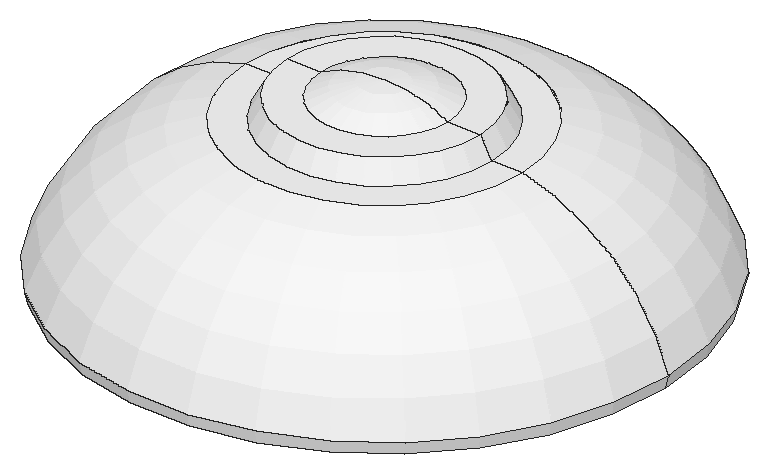
Revit family "Sensor-Lutron-Ceiling_Mount-Occupancy-12ft-LOS-CUS", category Lighting Devices, host Face, Revit 2017
Family settings
  Host = Face
  Maintain Annotation Orientation = Yes
  Round Connector Dimension = Use Diameter
  Part Type = Normal
  OmniClass Number = 23.85.80.11.27
  OmniClass Title = Lighting Controls
  Cut with Voids When Loaded = No
  Shared = No
  Room Calculation Point = No
Parameters (values of type "LOS-CUS-1000-WH")
  Warranty URL = "http://www.lutron.com/en-US/Service-Support/Pages/Service/Warranty/Warranty.aspx"
  Voltage Comments = "20-24VDC"
  Video Link = "https://www.youtube.com/user/LutronElectronicsInc"
  Version = "2017 - v1.0b"  # constant formula
  Support Phone = "(224) 699-9545"  # constant formula
  Support Email = "mailto: support@anguleris.com"
  Product Page URL = "http://www.lutron.com/en-US/products/Pages/sensors/occupancy-vacancy/loscseries/overview.aspx"
  Product Name = "Ultrasonic Ceiling Mount Occupancy Sensor"
  Product Documentation Link = "http://www.lutron.com/TechnicalDocumentLibrary/LOS-CUS%20Series.pdf"
  Performance URL = "http://www.lutron.com/en-US/Service-Support/Pages/Technical/PerfomanceSpecs.aspx"
  Minor Motion Offset = 0' - 0"
  Minor Motion Depth = 23' - 0"
  Manufacturer Phone Number = "610-282-3800"  # constant formula
  Manufacturer Fax Number = "610-282-1243"  # constant formula
  Manufacturer Email = "mailto:support@lutron.com"
  Manufacturer Address = "7200 Suter Rd, Coopersburg, PA 18036"  # constant formula
  Major Motion Offset = 0' - 0"
  Ultrasonic Minor Motion [instance] = no
  Ultrasonic Major Motion [instance] = no
  URL = "http://www.lutron.com"
  Type Comments = ""
  Series = "LOS-C"  # constant formula
  Sensor Material = Plastic-Lutron-White-Gloss
  Rectangular Minor Motion Detection = 23' - 0"
  Rectangular Major Motion Detection = 32' - 0"
  Nominal Width = 0' - 4 1/2"  # constant formula
  Nominal Length = 0' - 4 1/2"  # constant formula
  Nominal Depth = 0' - 1 51/128"  # constant formula
  Model = "LOS-CUS-1000-WH"
  Manufacturer = "Lutron Electronics Co., Inc"  # constant formula
  Keynote = ""
  Instruction Sheet Link = "http://www.lutron.com/TechnicalDocumentLibrary/031260a.pdf"
  Field of View = 180.00°
  Description = "Ultrasonic Ceiling Mount Occupancy Sensor"
  Default Elevation = 0' - 0"
  Coverage = 1000.00 SF
  Cost Info = "mailto:sales@lutron.com"
  Cost = 0
  Copyright = "© 2019 Lutron Electronics Co., Inc."  # constant formula
  Assembly Code = "D5030800"
Types (3): name | Minor Motion Offset | Minor Motion Depth | Major Motion Offset | Ultrasonic Minor Motion | Ultrasonic Major Motion | Rectangular Minor Motion Detection | Rectangular Major Motion Detection | Model | Field of View | Coverage
  LOS-CUS-500-WH | 0' - 0" | 16' - 0" | 0' - 0" | yes | yes | 16' - 0" | 22' - 0" | "LOS-CUS-500-WH" | 180.00° | 500.00 SF
  LOS-CUS-1000-WH | 0' - 0" | 23' - 0" | 0' - 0" | no | no | 23' - 0" | 32' - 0" | "LOS-CUS-1000-WH" | 180.00° | 1000.00 SF
  LOS-CUS-2000-WH | 22' - 6" | 23' - 0" | 32' - 0" | no | no | 22' - 6" | 32' - 0" | "LOS-CUS-2000-WH" | 360.00° | 2000.00 SF
Reference planes (in)
  plane 1 "Center (Front/Back)": y = 0
  plane 2: z = 0
  plane 3 "Center (Left/Right)": x = 0
  plane 4: y = 2.25
  plane 5: y = -2.25
  plane 6: x = 2.25
  plane 7: x = -2.25
  plane 8: z = 1.39844
Forms (in)
  Revolve 1, solid, material "Plastic-Lutron-White-Gloss" <- "Sensor Material"
    sketch origin (0, 0, -5.75) x (1, 0, 0) y (0, 0, -1)
      loop
        line (0, -5.75) -> (0, -7.14844)
        arc (0, -7.14844) -> (0.25955, -7.12247) -> (0.50393, -7.03125) r 1.01555
        line (0.50393, -7.03125) -> (0.7627, -7.03125) -> (0.85244, -6.87582) -> (1.09586, -6.87582)
        arc (1.09586, -6.87582) -> (1.81321, -6.51691) -> (2.25, -5.84414) r 1.52832
        line (2.25, -5.84414) -> (2.22477, -5.75) -> (0, -5.75)
      axis (0, -7.14844) -> (0, -5.75)
    angle from 0 to 360
  Extrusion 2, solid, material "Ultrasonic Minor Motion Detection", visible <- "Ultrasonic Minor Motion"
    sketch origin (0, 0, -144.09282) x (1, 0, 0) y (0, 1, 0)
      loop
        arc (48, 138) -> (14.05887, 123.94113) -> (0, 90) r 48
        line (0, 90) -> (0, -90)
        arc (0, -90) -> (14.05887, -123.94113) -> (48, -138) r 48
        line (48, -138) -> (228, -138)
        arc (228, -138) -> (261.94113, -123.94113) -> (276, -90) r 48
        line (276, -90) -> (276, 90)
        arc (276, 90) -> (261.94113, 123.94113) -> (228, 138) r 48
        line (228, 138) -> (48, 138)
    from 144.09282 to 144.21782
  Extrusion 3, solid, material "Ultrasonic Major Motion Detection", visible <- "Ultrasonic Major Motion"
    sketch origin (0, 0, -144.09282) x (1, 0, 0) y (0, 1, 0)
      loop
        arc (48, 192) -> (14.05887, 177.94113) -> (0, 144) r 48
        line (0, 144) -> (0, -144)
        arc (0, -144) -> (14.05887, -177.94113) -> (48, -192) r 48
        line (48, -192) -> (336, -192)
        arc (336, -192) -> (369.94113, -177.94113) -> (384, -144) r 48
        line (384, -144) -> (384, 144)
        arc (384, 144) -> (369.94113, 177.94113) -> (336, 192) r 48
        line (336, 192) -> (48, 192)
    from 144.12315 to 144.18565
Lines and regions (in)
  symbolic lines, detail levels fine
    curve 1: circle (0, 0, 0) r 2.25 normal (0, 0, 1)
Dimensions and locks (in)
  "Nominal Width": plane 4 to plane 5
  equal spacing: plane 4, plane 1 "Center (Front/Back)", plane 5
  "Nominal Length": plane 7 to plane 6
  equal spacing: plane 7, plane 3 "Center (Left/Right)", plane 6
  plane 8 to Revolve 1 sketch curve to Revolve 1 sketch curve to Revolve 1 sketch curve to Revolve 1 sketch curve = 0' - 0 15/128" locked, 0' - 0.15543" locked, 0' - 1.03168" locked, 0' - 0.09414" locked
  Revolve 1 sketch curve to Revolve 1 sketch curve to Revolve 1 sketch curve to Revolve 1 sketch curve to Revolve 1 sketch curve to plane 3 "Center (Left/Right)" = 0' - 1 33/256" locked, 0' - 0.24342" locked, 0' - 0.08974" locked, 0' - 0.25877" locked, 0' - 0.50393" locked
  locked: Revolve 1 sketch curve to plane 1 "Center (Front/Back)" at 0
  locked: curve 1 to plane 3 "Center (Left/Right)" at 0
  locked: curve 1 to plane 1 "Center (Front/Back)" at 0
  locked: plane 8 to plane 2 at 1.39844
  "Minor Motion Depth": Extrusion 2 sketch curve to Extrusion 2 sketch curve
  locked: Extrusion 2 sketch curve to Extrusion 2 sketch curve at 48  (x4)
  Extrusion 2 sketch curve to Extrusion 2 sketch curve = 4' - 0"  (x2)
  locked: Extrusion 2 to Extrusion 3 at 0.03218
  locked: Extrusion 2 to Extrusion 3 at 0.03032
  equal spacing: Extrusion 3 sketch curve, plane 1 "Center (Front/Back)", Extrusion 3 sketch curve
  "Rectangular Major Motion Detection": Extrusion 3 sketch curve to Extrusion 3 sketch curve
  "Major Motion Offset": Extrusion 3 sketch curve to plane 3 "Center (Left/Right)"
  "Rectangular Major Motion Detection": plane 3 "Center (Left/Right)" to Extrusion 3 sketch curve
  "Rectangular Minor Motion Detection": plane 3 "Center (Left/Right)" to Extrusion 2 sketch curve
  "Minor Motion Offset": Extrusion 2 sketch curve to plane 3 "Center (Left/Right)"
  equal spacing: Extrusion 2 sketch curve, plane 1 "Center (Front/Back)", Extrusion 2 sketch curve
  Extrusion 2 to plane 2 to Extrusion 2 = 0' - 0 1/8" locked, 0' - 0" locked
  aligned and locked: plane 2 to host face
  aligned and locked: level to host face
  aligned and locked: plane 6 to Revolve 1 sketch curve
  aligned and locked: plane 8 to Revolve 1 sketch curve
  aligned and locked: plane 3 "Center (Left/Right)" to nested 1
  aligned and locked: plane 1 "Center (Front/Back)" to nested 1
Automatic sketch dimensions
  Revolve 1 sketch curve to plane 3 "Center (Left/Right)" = 0' - 0"  (x2)
  Revolve 1 sketch curve to level = 0' - 0"
  plane 3 "Center (Left/Right)" to Revolve 1 sketch curve = 0' - 0.02953"
  Revolve 1 sketch curve to level = 0' - 0.37253"
  Revolve 1 sketch curve to Revolve 1 sketch curve = 0' - 0 13/128"
  host sketch curve to host sketch curve = 8' - 0"  (x2)
  Extrusion 3 sketch curve to Extrusion 3 sketch curve = 4' - 0"  (x4)
  radius of curve 1 = 0' - 2 1/4"
Nested families (in)
  nested 1: "Ceiling Occupancy Sensor" at (0, 0, 0), type "Ceiling Occupancy Sensor"
Connectors (in)
  electrical at (0, 0, 0)
    settings: on Revolve 1, index 1, voltage 24 V, apparent load 0.72 VA, apparent load phase1 0 VA, apparent load phase2 0 VA, apparent load phase3 0 VA, power factor 1, load classification "Power", number of poles 1, system type 13, power factor state 1, is connector primary yes, connector utility no, sub classification motor no, connector description "Lighting Control Connection"
Definition of nested family "Ceiling Occupancy Sensor"
  Parameters
    Label = "OS"
  Reference planes (in)
    plane 1: y = 0
    plane 2: x = 0
  Lines and regions (in)
    detail lines
      curve 1: circle (0, 0, 0) r 0.10882 normal (0, 0, 1)
  Text (in)
    label "OS" at (-0.00015, 0.0012, 0), shows "Label"
  Dimensions and locks (in)
    locked: curve 1 to plane 1
    locked: plane 2 to curve 1
